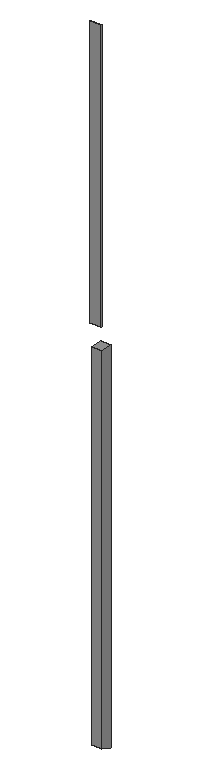
Revit family "STARC-REALWALL-T-PANEL-INSIDE", category Specialty Equipment, Revit 2014
Parameters (values of type "S3-IT")
  URL = "https://starcsystems.com/products/accessories/"
  Type Comments = "STARC SYSTEMS, INC REALWALL TEMPORARY CONTAINMENT SYSTEM INSIDE 'T'"
  Model = "S3-IT"
  Manufacturer = "STARC SYSTEMS, INC."  # constant formula
  ICRA Class = "IV"  # constant formula
  Description = "STARC SYSTEMS, INC REALWALL TEMPORARY CONTAINMENT SYSTEM INSIDE 'T'"  # constant formula
  Copyright = "Copyright 2020 STARC Systems, Inc."  # constant formula
  Ceiling Height = 9' - 0"
  Height = if(Ceiling Height > 10' 3", 10' 3", (if(Ceiling Height < 6' 10", 6' 10", Ceiling Height)))  # 9' - 0"
  Extensions.Group [instance] = "S3-IT"
  Assembly Code = "F1030900"
  ASTM Standard = "E-84 CLASS A"  # constant formula
Reference planes (in)
  plane 1 "Center (Base Panel)": y = 0
  plane 2: z = 0
  plane 3 "Center (Left/Right)": x = 0
  plane 4 "Center (Top Panel)": y = 1.78125
  plane 5 "Base Panel Front": y = -0.79687
  plane 6 "Base Panel Back": y = 0.79688
  plane 7 "Top Panel Fron": y = 0.98438
  plane 8 "Top Panel Back": y = 2.57813
  plane 9 "Ceiling Height": z = 108
  plane 10 "Base Panel Top": z = 82
  plane 11 "Base Top": z = 1.65625
  plane 12: z = 79.92188
  plane 13: z = 59.73438
  plane 14: z = 61.8125
  plane 15: z = 105.92188
  plane 16: y = 2.57813
  plane 17: z = 1.14062
  plane 18: z = 59.92188
Forms (in)
  Extrusion 1, solid, material "STARC-Frame"
    sketch origin (0, 0, 0) x (0, 1, 0) y (0, 0, 1)
      loop
        line (2.57812, 0.84741) -> (2.57813, 59.73438) -> (0.67188, 59.73438) -> (0.67188, 1.65625) -> (0.79688, 1.65625) -> (2.57812, 0.84741)
    from -0.79688 to 0.79688
  Extrusion 2, solid, material "STARC-Frame"
    sketch origin (0, 1.02969, 58.99101) x (0, 1, 0) y (0, 0, 1)
      loop
        line (1.61093, 2.82149) -> (1.61093, 46.93086) -> (1.42343, 46.93086) -> (1.42343, 2.82149) -> (1.61093, 2.82149)
    from -2.57812 to -0.79688
Lines and regions (in)
  symbolic lines, style "SpecialityEquipment"
    curve 1: line (-0.79688, 2.57812, 0) -> (0.79688, 2.57812, 0)
    curve 2: line (-0.79688, 0.79688, 0) -> (-0.79688, 2.57812, 0)
    curve 3: line (0.79688, 0.79688, 0) -> (-0.79688, 0.79688, 0)
    curve 4: line (0.79688, 2.57812, 0) -> (0.79688, 0.79688, 0)
  symbolic lines, style "SpecialityEquipmentHiddenLines"
    curve 5: line (-2.57812, 2.57813, 0) -> (-0.79688, 2.57813, 0)
    curve 6: line (-2.57812, 0.79688, 0) -> (-2.57812, 2.57813, 0)
    curve 7: line (-0.79688, 0.79688, 0) -> (-2.57812, 0.79688, 0)
    curve 8: line (-0.79688, 2.57812, 0) -> (-0.79688, 0.79688, 0)
Dimensions and locks (in)
  plane 7 "Top Panel Fron" to plane 4 "Center (Top Panel)" to plane 8 "Top Panel Back" = 0' - 0 51/64" locked, 0' - 0 51/64" locked
  plane 5 "Base Panel Front" to plane 1 "Center (Base Panel)" to plane 6 "Base Panel Back" = 0' - 0 51/64" locked, 0' - 0 51/64" locked
  locked: plane 1 "Center (Base Panel)" to plane 4 "Center (Top Panel)" at 1.78125
  "Height": plane 9 "Ceiling Height" to level
  locked: plane 10 "Base Panel Top" to level at 82
  locked: plane 11 "Base Top" to level at 1.65625
  locked: plane 9 "Ceiling Height" to plane 13 at 48.26563
  locked: plane 9 "Ceiling Height" to plane 15 at 2.07812
  locked: plane 14 to plane 13 at 2.07812
  locked: plane 16 to plane 5 "Base Panel Front" at 3.375
  locked: plane 17 to level at 1.14062
  locked: plane 10 "Base Panel Top" to plane 12 at 2.07812
  plane 12 to plane 18 = 1' - 8"
  curve 6 to Extrusion 1 = 0' - 1 25/32"
  aligned and locked: level to plane 2
  aligned and locked: plane 13 to Extrusion 1 sketch curve
  aligned and locked: plane 15 to Extrusion 2 sketch curve
  aligned and locked: Extrusion 2 sketch curve to plane 14
  aligned and locked: curve 1 to Extrusion 1
  aligned and locked: curve 2 to Extrusion 1
  aligned and locked: curve 3 to plane 6 "Base Panel Back"
  aligned and locked: curve 4 to Extrusion 1
  aligned and locked: Extrusion 1 to curve 8
  aligned and locked: plane 16 to curve 5
  aligned and locked: curve 7 to plane 6 "Base Panel Back"
  aligned and locked: Extrusion 2 to curve 5
Automatic sketch dimensions
  Extrusion 1 sketch curve to plane 11 "Base Top" = 0' - 0"
  Extrusion 1 sketch curve to plane 6 "Base Panel Back" = 0' - 0"
  plane 6 "Base Panel Back" to Extrusion 1 sketch curve = 0' - 0 1/8"
  Extrusion 1 sketch curve to plane 17 = 0' - 0.29322"
  plane 8 "Top Panel Back" to Extrusion 2 sketch curve = 0' - 0 1/8"
  Extrusion 1 sketch curve to plane 8 "Top Panel Back" = 0' - 0"
  Extrusion 2 sketch curve to plane 8 "Top Panel Back" = 0' - 0 1/16"
